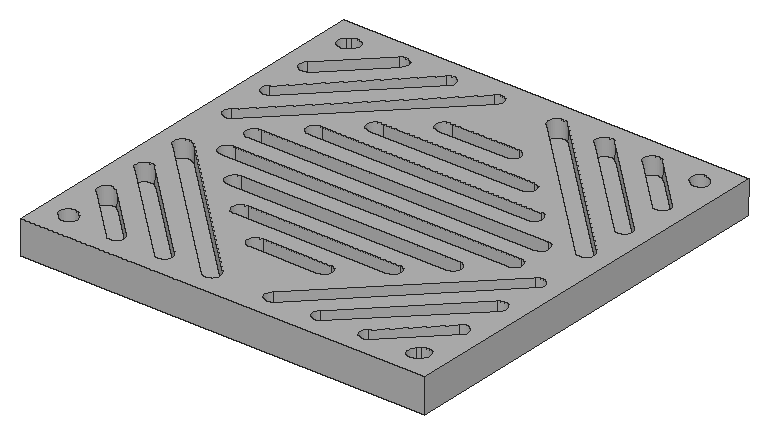
Revit family "dBA - 2 inch - Ceiling and Wall Panels 24x24", category Specialty Equipment, Revit 2023
Family settings
  Round Connector Dimension = Use Diameter
  Part Type = Normal
  OmniClass Number = 23.35.00.00
  OmniClass Title = Covering, Cladding, and Finishes
  Work Plane-Based = Yes
  Enable Cutting in Views = Yes
  Always vertical = No
  Cut with Voids When Loaded = No
  Maintain Annotation Orientation = No
  Shared = No
  Room Calculation Point = No
Parameters (values of type "Charcoal")
  URL = "https://www.acousticalsurfaces.com/sound-silencer/dba-ceiling-wall-panel/"
  Type Comments = "dBA Ceiling and Wall Panels"
  Recycled Content Percentage = "0%"
  Model = "Sound Silencer - dBA Ceiling and Wall Panels"
  Material = "Sound Silencer dBA"
  Manufacturer = "Acoustical Surfaces, Inc."
  Fire Rating = "ASTM E84 - Class A"
  Finish = Paint - Acoustical-Surfaces - dBA - Charcoal
  Description = "dBA Ceiling and Wall Panels"
  Default Elevation = 4' - 0"
  Assembly Code = "C30"
  Acoustics - NRC = "Sound absorption varies from NRC 0.45 to 0.95 based on installation method used when tested per ASTM C423."
Types (2): name | Finish
  Charcoal | Paint - Acoustical-Surfaces - dBA - Charcoal
  White | Paint - Acoustical-Surfaces - dBA - White
Reference planes (in)
  plane 1 "Center (Front/Back)": y = 0
  plane 2: z = 0
  plane 3 "Center (Left/Right)": x = 0
  plane 4: x = -12
  plane 5: x = 12
  plane 6: y = 12
  plane 7: y = -12
  plane 8: z = 2
Forms (in)
  Extrusion 1, solid, material "Paint - Acoustical-Surfaces - dBA - Charcoal" <- "Finish"
    sketch origin (0, 0, 0) x (1, 0, 0) y (0, 1, 0)
      loop
        line (12, 12) -> (-12, 12) -> (-12, -12) -> (12, -12) -> (12, 12)
    from 0 to 1
  Extrusion 2, solid, material "Paint - Acoustical-Surfaces - dBA - Charcoal" <- "Finish"
    sketch origin (0, 0, 1) x (1, 0, 0) y (0, 1, 0)
      loop
        line (12, 12) -> (-12, 12) -> (-12, -12) -> (12, -12) -> (12, 12)
      loop
        arc (-10.14645, -9.96967) -> (-10.85355, -9.96967) -> (-10.85355, -10.67678) r 0.5
        line (-10.85355, -10.67678) -> (-10.67678, -10.85355)
        arc (-10.67678, -10.85355) -> (-9.96967, -10.85355) -> (-9.96967, -10.14645) r 0.5
        line (-9.96967, -10.14645) -> (-10.14645, -9.96967)
      loop
        arc (-7.84835, -10.85355) -> (-7.14124, -10.85355) -> (-7.14124, -10.14645) r 0.5
        line (-7.14124, -10.14645) -> (-10.14645, -7.14124)
        arc (-10.14645, -7.14124) -> (-10.85355, -7.14124) -> (-10.85355, -7.84835) r 0.5
        line (-10.85355, -7.84835) -> (-7.84835, -10.85355)
      loop
        arc (-5.01992, -10.85355) -> (-4.31282, -10.85355) -> (-4.31282, -10.14645) r 0.5
        line (-4.31282, -10.14645) -> (-10.14645, -4.31282)
        arc (-10.14645, -4.31282) -> (-10.85355, -4.31282) -> (-10.85355, -5.01992) r 0.5
        line (-10.85355, -5.01992) -> (-5.01992, -10.85355)
      loop
        arc (-2.1915, -10.85355) -> (-1.48439, -10.85355) -> (-1.48439, -10.14645) r 0.5
        line (-1.48439, -10.14645) -> (-10.14645, -1.48439)
        arc (-10.14645, -1.48439) -> (-10.85355, -1.48439) -> (-10.85355, -2.1915) r 0.5
        line (-10.85355, -2.1915) -> (-2.1915, -10.85355)
      loop
        arc (2, -7.5) -> (2.5, -7) -> (2, -6.5) r 0.5
        line (2, -6.5) -> (-2, -6.5)
        arc (-2, -6.5) -> (-2.5, -7) -> (-2, -7.5) r 0.5
        line (-2, -7.5) -> (2, -7.5)
      loop
        arc (4.5, -5.5) -> (5, -5) -> (4.5, -4.5) r 0.5
        line (4.5, -4.5) -> (-4.5, -4.5)
        arc (-4.5, -4.5) -> (-5, -5) -> (-4.5, -5.5) r 0.5
        line (-4.5, -5.5) -> (4.5, -5.5)
      loop
        arc (6.5, -3.5) -> (7, -3) -> (6.5, -2.5) r 0.5
        line (6.5, -2.5) -> (-6.5, -2.5)
        arc (-6.5, -2.5) -> (-7, -3) -> (-6.5, -3.5) r 0.5
        line (-6.5, -3.5) -> (6.5, -3.5)
      loop
        arc (8.5, -1.5) -> (9, -1) -> (8.5, -0.5) r 0.5
        line (8.5, -0.5) -> (-8.5, -0.5)
        arc (-8.5, -0.5) -> (-9, -1) -> (-8.5, -1.5) r 0.5
        line (-8.5, -1.5) -> (8.5, -1.5)
      loop
        arc (8.5, 0.5) -> (9, 1) -> (8.5, 1.5) r 0.5
        line (8.5, 1.5) -> (-8.5, 1.5)
        arc (-8.5, 1.5) -> (-9, 1) -> (-8.5, 0.5) r 0.5
        line (-8.5, 0.5) -> (8.5, 0.5)
      loop
        arc (6.5, 2.5) -> (7, 3) -> (6.5, 3.5) r 0.5
        line (6.5, 3.5) -> (-6.5, 3.5)
        arc (-6.5, 3.5) -> (-7, 3) -> (-6.5, 2.5) r 0.5
        line (-6.5, 2.5) -> (6.5, 2.5)
      loop
        arc (4.5, 4.5) -> (5, 5) -> (4.5, 5.5) r 0.5
        line (4.5, 5.5) -> (-4.5, 5.5)
        arc (-4.5, 5.5) -> (-5, 5) -> (-4.5, 4.5) r 0.5
        line (-4.5, 4.5) -> (4.5, 4.5)
      loop
        line (-2, 6.5) -> (2, 6.5)
        arc (2, 6.5) -> (2.5, 7) -> (2, 7.5) r 0.5
        line (2, 7.5) -> (-2, 7.5)
        arc (-2, 7.5) -> (-2.5, 7) -> (-2, 6.5) r 0.5
      loop
        arc (-1.48439, 10.14645) -> (-1.48439, 10.85355) -> (-2.1915, 10.85355) r 0.5
        line (-2.1915, 10.85355) -> (-10.85355, 2.1915)
        arc (-10.85355, 2.1915) -> (-10.85355, 1.48439) -> (-10.14645, 1.48439) r 0.5
        line (-10.14645, 1.48439) -> (-1.48439, 10.14645)
      loop
        arc (-4.31282, 10.14645) -> (-4.31282, 10.85355) -> (-5.01992, 10.85355) r 0.5
        line (-5.01992, 10.85355) -> (-10.85355, 5.01992)
        arc (-10.85355, 5.01992) -> (-10.85355, 4.31282) -> (-10.14645, 4.31282) r 0.5
        line (-10.14645, 4.31282) -> (-4.31282, 10.14645)
      loop
        arc (-7.14124, 10.14645) -> (-7.14124, 10.85355) -> (-7.84835, 10.85355) r 0.5
        line (-7.84835, 10.85355) -> (-10.85355, 7.84835)
        arc (-10.85355, 7.84835) -> (-10.85355, 7.14124) -> (-10.14645, 7.14124) r 0.5
        line (-10.14645, 7.14124) -> (-7.14124, 10.14645)
      loop
        line (-10.14645, 9.96967) -> (-9.96967, 10.14645)
        arc (-9.96967, 10.14645) -> (-9.96967, 10.85355) -> (-10.67678, 10.85355) r 0.5
        line (-10.67678, 10.85355) -> (-10.85355, 10.67678)
        arc (-10.85355, 10.67678) -> (-10.85355, 9.96967) -> (-10.14645, 9.96967) r 0.5
      loop
        arc (10.14645, 1.48439) -> (10.85355, 1.48439) -> (10.85355, 2.1915) r 0.5
        line (10.85355, 2.1915) -> (2.1915, 10.85355)
        arc (2.1915, 10.85355) -> (1.48439, 10.85355) -> (1.48439, 10.14645) r 0.5
        line (1.48439, 10.14645) -> (10.14645, 1.48439)
      loop
        arc (10.14645, 4.31282) -> (10.85355, 4.31282) -> (10.85355, 5.01992) r 0.5
        line (10.85355, 5.01992) -> (5.01992, 10.85355)
        arc (5.01992, 10.85355) -> (4.31282, 10.85355) -> (4.31282, 10.14645) r 0.5
        line (4.31282, 10.14645) -> (10.14645, 4.31282)
      loop
        arc (10.14645, 7.14124) -> (10.85355, 7.14124) -> (10.85355, 7.84835) r 0.5
        line (10.85355, 7.84835) -> (7.84835, 10.85355)
        arc (7.84835, 10.85355) -> (7.14124, 10.85355) -> (7.14124, 10.14645) r 0.5
        line (7.14124, 10.14645) -> (10.14645, 7.14124)
      loop
        arc (10.14645, 9.96967) -> (10.85355, 9.96967) -> (10.85355, 10.67678) r 0.5
        line (10.85355, 10.67678) -> (10.67678, 10.85355)
        arc (10.67678, 10.85355) -> (9.96967, 10.85355) -> (9.96967, 10.14645) r 0.5
        line (9.96967, 10.14645) -> (10.14645, 9.96967)
      loop
        arc (1.48439, -10.14645) -> (1.48439, -10.85355) -> (2.1915, -10.85355) r 0.5
        line (2.1915, -10.85355) -> (10.85355, -2.1915)
        arc (10.85355, -2.1915) -> (10.85355, -1.48439) -> (10.14645, -1.48439) r 0.5
        line (10.14645, -1.48439) -> (1.48439, -10.14645)
      loop
        arc (4.31282, -10.14645) -> (4.31282, -10.85355) -> (5.01992, -10.85355) r 0.5
        line (5.01992, -10.85355) -> (10.85355, -5.01992)
        arc (10.85355, -5.01992) -> (10.85355, -4.31282) -> (10.14645, -4.31282) r 0.5
        line (10.14645, -4.31282) -> (4.31282, -10.14645)
      loop
        arc (7.14124, -10.14645) -> (7.14124, -10.85355) -> (7.84835, -10.85355) r 0.5
        line (7.84835, -10.85355) -> (10.85355, -7.84835)
        arc (10.85355, -7.84835) -> (10.85355, -7.14124) -> (10.14645, -7.14124) r 0.5
        line (10.14645, -7.14124) -> (7.14124, -10.14645)
      loop
        arc (9.96967, -10.14645) -> (9.96967, -10.85355) -> (10.67678, -10.85355) r 0.5
        line (10.67678, -10.85355) -> (10.85355, -10.67678)
        arc (10.85355, -10.67678) -> (10.85355, -9.96967) -> (10.14645, -9.96967) r 0.5
        line (10.14645, -9.96967) -> (9.96967, -10.14645)
    from 0 to 1
Cuts and joins
  joined: Extrusion 1, Extrusion 2
Dimensions and locks (in)
  aligned and locked: level to plane 2
